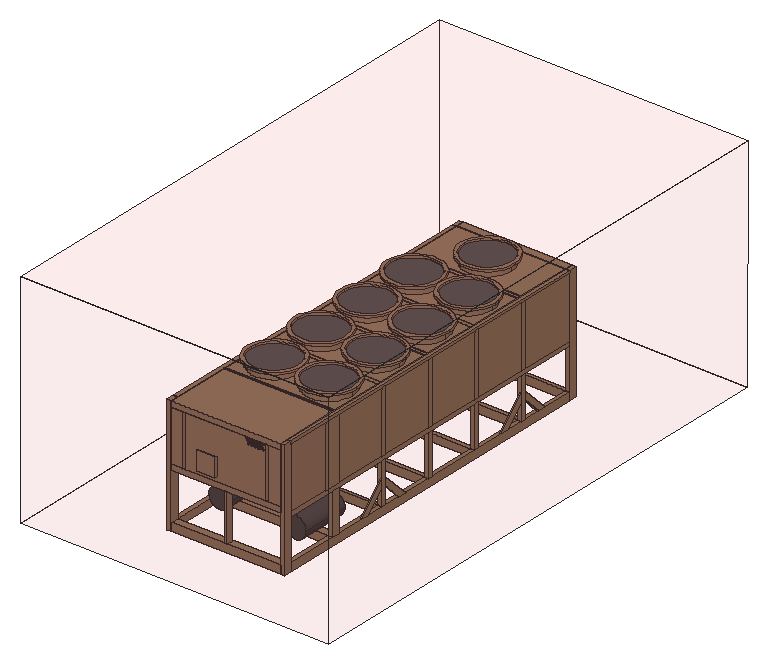
Revit family (continued)
Definition of nested family "Box_Frame-York-YCIV-5_Row"
  Forms (in)
    Extrusion 19, solid, material "Metal - York - Galvanized Steel" <- "Box Frame Material", detail levels fine
      sketch origin (0, 0, 0) x (1, 0, 0) y (0, 1, 0)
        loop
          line (-1, -133) -> (-1, -137) -> (1, -137) -> (1, -133) -> (-1, -133)
      from 6 to 41.3125
    Extrusion 20, solid, material "Metal - York - Galvanized Steel" <- "Box Frame Material", detail levels fine
      sketch origin (0, 0, 0) x (0, 1, 0) y (0, 0, 1)
        loop
          line (-42.2125, 25) -> (-42.2125, 19) -> (-29.2125, 6) -> (-23.2125, 6) -> (-42.2125, 25)
        loop
          line (-45.2125, 25) -> (-64.2125, 6) -> (-58.2125, 6) -> (-45.2125, 19) -> (-45.2125, 25)
        loop
          line (66.825, 6) -> (72.825, 6) -> (85.825, 19) -> (85.825, 25) -> (66.825, 6)
        loop
          line (88.825, 19) -> (101.825, 6) -> (107.825, 6) -> (88.825, 25) -> (88.825, 19)
      from 43.0625 to 44.0625
    Extrusion 21, solid, material "Metal - York - Galvanized Steel" <- "Box Frame Material", detail levels fine
      sketch origin (0, 0, 0) x (0, 1, 0) y (0, 0, 1)
        loop
          line (-45.2125, 25) -> (-64.2125, 6) -> (-58.2125, 6) -> (-45.2125, 19) -> (-45.2125, 25)
        loop
          line (-42.2125, 19) -> (-29.2125, 6) -> (-23.2125, 6) -> (-42.2125, 25) -> (-42.2125, 19)
        loop
          line (66.825, 6) -> (72.825, 6) -> (85.825, 19) -> (85.825, 25) -> (66.825, 6)
        loop
          line (88.825, 19) -> (101.825, 6) -> (107.825, 6) -> (88.825, 25) -> (88.825, 19)
      from -44.0625 to -43.0625
    Extrusion 22, solid, material "Metal - York - Galvanized Steel" <- "Box Frame Material", visible <- "Sound Option", detail levels fine
      sketch origin (0, -131, 0) x (-1, 0, 0) y (0, 0, -1)
        loop
          line (41.0625, -41.3125) -> (41.0625, -6) -> (1, -6) -> (1, -41.3125) -> (41.0625, -41.3125)
        loop
          line (-1, -41.3125) -> (-1, -6) -> (-41.0625, -6) -> (-41.0625, -41.3125) -> (-1, -41.3125)
      from 0 to 6
    Extrusion 23, solid, material "Metal - York - Galvanized Steel" <- "Box Frame Material", visible <- "Sound Option", detail levels fine
      sketch origin (0, 0, 0) x (0, 1, 0) y (0, 0, 1)
        loop
          line (-131, 37) -> (-131, 6) -> (-91.8875, 6) -> (-91.8875, 37) -> (-131, 37)
        loop
          line (-85.8875, 37) -> (-85.8875, 6) -> (-71.8875, 6) -> (-71.8875, 37) -> (-85.8875, 37)
      from 41.0625 to 44.0625
    Extrusion 24, solid, material "Metal - York - Galvanized Steel" <- "Box Frame Material", visible <- "Sound Option", detail levels fine
      sketch origin (-44.0625, 0, 0) x (0, -1, 0) y (0, 0, 1)
        loop
          line (71.8875, 37) -> (71.8875, 6) -> (85.8875, 6) -> (85.8875, 37) -> (71.8875, 37)
        loop
          line (91.8875, 37) -> (91.8875, 6) -> (131, 6) -> (131, 37) -> (91.8875, 37)
      from -3 to 0
  Lines and regions (in)
    Masking region 1, detail levels fine
      outline origin (0, 0, 62.3125) x (-1, 0, 0) y (0, -1, 0)
        loop
          line (21.0625, 137) -> (21.0625, 138) -> (7.0625, 138) -> (7.0625, 137) -> (21.0625, 137)
    Masking region 2, detail levels fine
      outline origin (0, 0, 0) x (0, 1, 0) y (0, 0, 1)
        loop
          line (-138, 62.3125) -> (-138, 48.3125) -> (-137, 48.3125) -> (-137, 62.3125) -> (-138, 62.3125)
    Masking region 3
      outline origin (0, -133, 0) x (-1, 0, 0) y (0, 0, -1)
        loop
          line (41.0625, -45.3125) -> (41.0625, -41.3125) -> (-41.0625, -41.3125) -> (-41.0625, -45.3125) -> (41.0625, -45.3125)
    Masking region 4, detail levels medium+fine
      outline origin (0, 0, 45.3125) x (-1, 0, 0) y (0, -1, 0)
        loop
          line (41.0625, 133) -> (41.0625, 137) -> (-41.0625, 137) -> (-41.0625, 133) -> (41.0625, 133)
    Masking region 5
      outline origin (0, -133, 0) x (-1, 0, 0) y (0, 0, -1)
        loop
          line (41.0625, -87.9375) -> (41.0625, -45.3125) -> (-41.0625, -45.3125) -> (-41.0625, -87.9375) -> (41.0625, -87.9375)
    Masking region 6
      outline origin (0, -137, 0) x (-1, 0, 0) y (0, 0, -1)
        loop
          line (44.0625, -87.9375) -> (44.0625, 0) -> (41.0625, 0) -> (41.0625, -87.9375) -> (44.0625, -87.9375)
        loop
          line (-41.0625, -87.9375) -> (-41.0625, 0) -> (-44.0625, 0) -> (-44.0625, -87.9375) -> (-41.0625, -87.9375)
    Masking region 7, detail levels medium+fine
      outline origin (0, 0, 87.9375) x (-1, 0, 0) y (0, -1, 0)
        loop
          line (44.0625, -137) -> (44.0625, -131) -> (41.0625, -131) -> (41.0625, -137) -> (44.0625, -137)
        loop
          line (-41.0625, -137) -> (-41.0625, -131) -> (-44.0625, -131) -> (-44.0625, -137) -> (-41.0625, -137)
        loop
          line (-41.0625, 131) -> (-41.0625, 137) -> (-44.0625, 137) -> (-44.0625, 131) -> (-41.0625, 131)
        loop
          line (44.0625, 131) -> (44.0625, 137) -> (41.0625, 137) -> (41.0625, 131) -> (44.0625, 131)
    Masking region 8
      outline origin (44.0625, 0, 0) x (0, -1, 0) y (0, 0, 1)
        loop
          line (137, 87.9375) -> (131, 87.9375) -> (131, 0) -> (137, 0) -> (137, 87.9375)
        loop
          line (-131, 87.9375) -> (-137, 87.9375) -> (-137, 0) -> (-131, 0) -> (-131, 87.9375)
    Masking region 9
      outline origin (0, 137, 0) x (-1, 0, 0) y (0, 0, 1)
        loop
          line (41.0625, 6) -> (-41.0625, 6) -> (-41.0625, 0) -> (41.0625, 0) -> (41.0625, 6)
    Masking region 10
      outline origin (44.0625, 0, 0) x (0, -1, 0) y (0, 0, 1)
        loop
          line (131, 87.9375) -> (-131, 87.9375) -> (-131, 85.9375) -> (131, 85.9375) -> (131, 87.9375)
        loop
          line (131, 40) -> (-131, 40) -> (-131, 37) -> (131, 37) -> (131, 40)
        loop
          line (131, 6) -> (-131, 6) -> (-131, 0) -> (131, 0) -> (131, 6)
    Masking region 11, detail levels medium+fine
      outline origin (0, 0, 85.9375) x (-1, 0, 0) y (0, -1, 0)
        loop
          line (44.0625, -131) -> (44.0625, 131) -> (41.0625, 131) -> (41.0625, -131) -> (44.0625, -131)
        loop
          line (-41.0625, -131) -> (-41.0625, 131) -> (-44.0625, 131) -> (-44.0625, -131) -> (-41.0625, -131)
    Masking region 12, detail levels medium+fine
      outline origin (0, 0, 37) x (-1, 0, 0) y (0, -1, 0)
        loop
          line (41.0625, -137) -> (41.0625, -131) -> (-41.0625, -131) -> (-41.0625, -137) -> (41.0625, -137)
    Masking region 13, detail levels medium+fine
      outline origin (41.0625, 0, 0) x (0, -1, 0) y (0, 0, 1)
        loop
          line (45.2125, 37) -> (42.2125, 37) -> (42.2125, 6) -> (45.2125, 6) -> (45.2125, 37)
        loop
          line (1.5375, 37) -> (-1.4625, 37) -> (-1.4625, 6) -> (1.5375, 6) -> (1.5375, 37)
        loop
          line (-42.1375, 37) -> (-45.1375, 37) -> (-45.1375, 6) -> (-42.1375, 6) -> (-42.1375, 37)
        loop
          line (-85.825, 37) -> (-88.825, 37) -> (-88.825, 6) -> (-85.825, 6) -> (-85.825, 37)
    Masking region 14
      outline origin (0, 0, 0) x (0, 1, 0) y (0, 0, 1)
        loop
          line (-131, 85.9375) -> (-131, 40) -> (-85.8875, 40) -> (-85.8875, 85.9375) -> (-131, 85.9375)
    Masking region 15, detail levels medium+fine
      outline origin (0, 0, 87.9375) x (-1, 0, 0) y (0, -1, 0)
        loop
          line (41.0625, 87.3875) -> (41.0625, 133) -> (-41.0625, 133) -> (-41.0625, 87.3875) -> (41.0625, 87.3875)
    Masking region 16
      outline origin (0, 0, 0) x (0, 1, 0) y (0, 0, 1)
        loop
          line (-85.8875, 85.9375) -> (-85.8875, 40) -> (131, 40) -> (131, 85.9375) -> (-85.8875, 85.9375)
    Masking region 17, detail levels medium+fine
      outline origin (0, 0, 87.9375) x (-1, 0, 0) y (0, -1, 0)
        loop
          line (41.0625, -131) -> (41.0625, 87.3875) -> (-41.0625, 87.3875) -> (-41.0625, -131) -> (41.0625, -131)
    Masking region 18, visible <- "Sound Option"
      outline origin (0, 0, 0) x (0, 1, 0) y (0, 0, 1)
        loop
          line (-131, 37) -> (-131, 6) -> (-71.8875, 6) -> (-71.8875, 37) -> (-131, 37)
    Masking region 19, detail levels fine
      outline origin (0, 0, 0) x (0, 1, 0) y (0, 0, 1)
        loop
          line (-64.2125, 6) -> (-58.2125, 6) -> (-45.2125, 19) -> (-45.2125, 25) -> (-64.2125, 6)
        loop
          line (-42.2125, 25) -> (-42.2125, 19) -> (-29.2125, 6) -> (-23.2125, 6) -> (-42.2125, 25)
        loop
          line (66.825, 6) -> (72.825, 6) -> (85.825, 19) -> (85.825, 25) -> (66.825, 6)
        loop
          line (88.825, 25) -> (88.825, 19) -> (101.825, 6) -> (107.825, 6) -> (88.825, 25)
    Masking region 20, detail levels coarse
      outline origin (0, 0, 87.9375) x (-1, 0, 0) y (0, -1, 0)
        loop
          line (44.0625, -137) -> (44.0625, 137) -> (-44.0625, 137) -> (-44.0625, -137) -> (44.0625, -137)
    Masking region 21, detail levels medium+fine
      outline origin (0, -131, 0) x (-1, 0, 0) y (0, 0, -1)
        loop
          line (1, -41.3125) -> (1, -6) -> (-1, -6) -> (-1, -41.3125) -> (1, -41.3125)
    Masking region 22
      outline origin (0, 0, 0) x (0, 1, 0) y (0, 0, 1)
        loop
          line (-85.8875, 37) -> (-91.8875, 37) -> (-91.8875, 6) -> (-85.8875, 6) -> (-85.8875, 37)
    Masking region 23, visible <- "Sound Option"
      outline origin (0, -137, 0) x (-1, 0, 0) y (0, 0, -1)
        loop
          line (41.0625, -41.3125) -> (41.0625, -6) -> (1, -6) -> (1, -41.3125) -> (41.0625, -41.3125)
        loop
          line (-1, -41.3125) -> (-1, -6) -> (-41.0625, -6) -> (-41.0625, -41.3125) -> (-1, -41.3125)
    model lines, style "Frame Detail Lines", detail levels medium
      curve 1: line (-21.0625, -138, 48.3125) -> (-21.0625, -138, 62.3125)
      curve 2: line (-7.0625, -138, 48.3125) -> (-21.0625, -138, 48.3125)
      curve 3: line (-21.0625, -137, 62.3125) -> (-7.0625, -137, 62.3125)
      curve 4: line (-21.0625, -137, 48.3125) -> (-21.0625, -137, 62.3125)
      curve 5: line (-7.0625, -137, 48.3125) -> (-21.0625, -137, 48.3125)
      curve 6: line (-7.0625, -137, 62.3125) -> (-7.0625, -137, 48.3125)
      curve 7: line (-21.0625, -138, 48.3125) -> (-21.0625, -137, 48.3125)
      curve 8: line (-7.0625, -138, 48.3125) -> (-7.0625, -137, 48.3125)
      curve 9: line (-21.0625, -138, 62.3125) -> (-21.0625, -137, 62.3125)
      curve 10: line (-7.0625, -138, 62.3125) -> (-7.0625, -137, 62.3125)
      curve 263: line (-7.0625, -138, 62.3125) -> (-21.0625, -138, 62.3125)
      curve 264: line (-7.0625, -138, 48.3125) -> (-7.0625, -138, 62.3125)
    symbolic lines, style "Frame Detail Lines", detail levels fine
      curve 11: line (-21.0625, -138, 62.3125) -> (-7.0625, -138, 62.3125)
      curve 12: line (-21.0625, -138, 48.3125) -> (-21.0625, -138, 62.3125)
      curve 13: line (-7.0625, -138, 48.3125) -> (-21.0625, -138, 48.3125)
      curve 14: line (-7.0625, -138, 62.3125) -> (-7.0625, -138, 48.3125)
    model lines, style "Frame Medium Lines", detail levels medium
      curve 15: line (-30, -137, 83.9375) -> (30, -137, 83.9375)
      curve 16: line (30, -137, 45.3125) -> (-30, -137, 45.3125)
      curve 17: line (30, -137, 83.9375) -> (30, -137, 45.3125)
      curve 18: line (-30, -133, 83.9375) -> (30, -133, 83.9375)
      curve 19: line (-30, -133, 45.3125) -> (-30, -133, 83.9375)
      curve 20: line (30, -133, 45.3125) -> (-30, -133, 45.3125)
      curve 21: line (30, -133, 83.9375) -> (30, -133, 45.3125)
      curve 22: line (-30, -137, 45.3125) -> (-30, -133, 45.3125)
      curve 23: line (30, -137, 45.3125) -> (30, -133, 45.3125)
      curve 24: line (-30, -137, 83.9375) -> (-30, -133, 83.9375)
      curve 25: line (30, -137, 83.9375) -> (30, -133, 83.9375)
      curve 262: line (-30, -137, 45.3125) -> (-30, -137, 83.9375)
    symbolic lines, style "Frame Medium Lines", detail levels medium+fine
      curve 26: line (-30, -137, 83.9375) -> (30, -137, 83.9375)
      curve 28: line (30, -137, 45.3125) -> (-30, -137, 45.3125)
      curve 30: line (-30, -133, 87.375) -> (30, -133, 87.375)
      curve 31: line (-30, -137, 87.375) -> (-30, -133, 87.375)
      curve 32: line (30, -137, 87.375) -> (-30, -137, 87.375)
      curve 33: line (30, -133, 87.375) -> (30, -137, 87.375)
      curve 238: line (-41.0625, 45.1375, 87.9375) -> (41.0625, 45.1375, 87.9375)
      curve 239: line (-41.0625, 42.1375, 87.9375) -> (41.0625, 42.1375, 87.9375)
      curve 240: line (-41.0625, 1.4625, 87.9375) -> (41.0625, 1.4625, 87.9375)
      curve 241: line (-41.0625, -1.5375, 87.9375) -> (41.0625, -1.5375, 87.9375)
      curve 242: line (-41.0625, -42.2125, 87.9375) -> (41.0625, -42.2125, 87.9375)
      curve 243: line (-41.0625, -45.2125, 87.9375) -> (41.0625, -45.2125, 87.9375)
      curve 244: line (-41.0625, -85.8875, 87.9375) -> (41.0625, -85.8875, 87.9375)
      curve 282: line (-41.0625, 88.825, 87.9375) -> (41.0625, 88.825, 87.9375)
      curve 283: line (41.0625, 85.825, 87.9375) -> (-41.0625, 85.825, 87.9375)
      curve 284: line (0, 88.825, 85.9375) -> (0, 88.825, 40)
      curve 285: line (0, 85.825, 85.9375) -> (0, 85.825, 40)
    symbolic lines, style "Frame Medium Lines", detail levels fine
      curve 27: line (-30, -137, 45.3125) -> (-30, -137, 83.9375)
      curve 29: line (30, -137, 83.9375) -> (30, -137, 45.3125)
      curve 255: line (0, -45.2125, 85.9375) -> (0, -45.2125, 40)
      curve 256: line (0, -97.88987, 85.9375) -> (0, -97.88987, 40)
      curve 257: line (0, -42.2125, 85.9375) -> (0, -42.2125, 40)
      curve 258: line (0, -1.5375, 85.9375) -> (0, -1.5375, 40)
      curve 259: line (0, 1.4625, 85.9375) -> (0, 1.4625, 40)
      curve 260: line (0, 42.1375, 85.9375) -> (0, 42.1375, 40)
      curve 261: line (0, 45.1375, 85.9375) -> (0, 45.1375, 40)
      curve 268: line (-32, -137, 83.9375) -> (-32, -137, 45.3125)
      curve 269: line (32, -137, 83.9375) -> (32, -137, 45.3125)
    model lines, style "Frame Outline Lines", detail levels coarse+medium
      curve 34: line (-41.0625, -137, 45.3125) -> (41.0625, -137, 45.3125)
      curve 35: line (-41.0625, -137, 41.3125) -> (-41.0625, -137, 45.3125)
      curve 36: line (41.0625, -137, 41.3125) -> (-41.0625, -137, 41.3125)
      curve 37: line (41.0625, -137, 45.3125) -> (41.0625, -137, 41.3125)
      curve 38: line (-41.0625, -133, 45.3125) -> (41.0625, -133, 45.3125)
      curve 39: line (-41.0625, -133, 41.3125) -> (-41.0625, -133, 45.3125)
      curve 40: line (41.0625, -133, 41.3125) -> (-41.0625, -133, 41.3125)
      curve 41: line (41.0625, -133, 45.3125) -> (41.0625, -133, 41.3125)
      curve 42: line (-41.0625, -137, 45.3125) -> (-41.0625, -133, 45.3125)
      curve 43: line (41.0625, -137, 45.3125) -> (41.0625, -133, 45.3125)
      curve 44: line (-41.0625, -137, 41.3125) -> (-41.0625, -133, 41.3125)
      curve 45: line (41.0625, -137, 41.3125) -> (41.0625, -133, 41.3125)
      curve 51: line (-44.0625, -137, 87.9375) -> (-41.0625, -137, 87.9375)
      curve 52: line (-44.0625, -137, 0) -> (-44.0625, -137, 87.9375)
      curve 53: line (-41.0625, -137, 0) -> (-44.0625, -137, 0)
      curve 54: line (-41.0625, -137, 87.9375) -> (-41.0625, -137, 0)
      curve 55: line (41.0625, -137, 87.9375) -> (44.0625, -137, 87.9375)
      curve 56: line (41.0625, -137, 0) -> (41.0625, -137, 87.9375)
      curve 57: line (44.0625, -137, 0) -> (41.0625, -137, 0)
      curve 58: line (44.0625, -137, 87.9375) -> (44.0625, -137, 0)
      curve 59: line (41.0625, -131, 87.9375) -> (44.0625, -131, 87.9375)
      curve 60: line (41.0625, -131, 0) -> (41.0625, -131, 87.9375)
      curve 61: line (44.0625, -131, 0) -> (41.0625, -131, 0)
      curve 62: line (44.0625, -131, 87.9375) -> (44.0625, -131, 0)
      curve 63: line (-44.0625, -131, 87.9375) -> (-41.0625, -131, 87.9375)
      curve 64: line (-44.0625, -131, 0) -> (-44.0625, -131, 87.9375)
      curve 65: line (-41.0625, -131, 0) -> (-44.0625, -131, 0)
      curve 66: line (-41.0625, -131, 87.9375) -> (-41.0625, -131, 0)
      curve 67: line (-44.0625, 131, 87.9375) -> (-41.0625, 131, 87.9375)
      curve 68: line (-44.0625, 131, 0) -> (-44.0625, 131, 87.9375)
      curve 69: line (-41.0625, 131, 0) -> (-44.0625, 131, 0)
      curve 70: line (-41.0625, 131, 87.9375) -> (-41.0625, 131, 0)
      curve 71: line (41.0625, 131, 87.9375) -> (44.0625, 131, 87.9375)
      curve 72: line (41.0625, 131, 0) -> (41.0625, 131, 87.9375)
      curve 73: line (44.0625, 131, 0) -> (41.0625, 131, 0)
      curve 74: line (44.0625, 131, 87.9375) -> (44.0625, 131, 0)
      curve 75: line (41.0625, 137, 87.9375) -> (44.0625, 137, 87.9375)
      curve 76: line (41.0625, 137, 0) -> (41.0625, 137, 87.9375)
      curve 77: line (44.0625, 137, 0) -> (41.0625, 137, 0)
      curve 78: line (44.0625, 137, 87.9375) -> (44.0625, 137, 0)
      curve 79: line (-44.0625, 137, 87.9375) -> (-41.0625, 137, 87.9375)
      curve 80: line (-44.0625, 137, 0) -> (-44.0625, 137, 87.9375)
      curve 81: line (-41.0625, 137, 0) -> (-44.0625, 137, 0)
      curve 82: line (-41.0625, 137, 87.9375) -> (-41.0625, 137, 0)
      curve 83: line (-44.0625, -131, 87.9375) -> (-44.0625, -137, 87.9375)
      curve 84: line (-41.0625, -131, 87.9375) -> (-41.0625, -137, 87.9375)
      curve 85: line (41.0625, -131, 87.9375) -> (41.0625, -137, 87.9375)
      curve 86: line (44.0625, -131, 87.9375) -> (44.0625, -137, 87.9375)
      curve 87: line (44.0625, 137, 87.9375) -> (44.0625, 131, 87.9375)
      curve 88: line (41.0625, 137, 87.9375) -> (41.0625, 131, 87.9375)
      curve 89: line (-41.0625, 137, 87.9375) -> (-41.0625, 131, 87.9375)
      curve 90: line (-44.0625, 137, 87.9375) -> (-44.0625, 131, 87.9375)
      curve 91: line (-44.0625, 131, 0) -> (-44.0625, 137, 0)
      curve 92: line (-41.0625, 131, 0) -> (-41.0625, 137, 0)
      curve 93: line (41.0625, 131, 0) -> (41.0625, 137, 0)
      curve 94: line (44.0625, 131, 0) -> (44.0625, 137, 0)
      curve 95: line (44.0625, -137, 0) -> (44.0625, -131, 0)
      curve 96: line (41.0625, -137, 0) -> (41.0625, -131, 0)
      curve 97: line (-41.0625, -137, 0) -> (-41.0625, -131, 0)
      curve 98: line (-44.0625, -137, 0) -> (-44.0625, -131, 0)
      curve 144: line (-44.0625, 131, 87.9375) -> (-44.0625, -131, 87.9375)
      curve 145: line (-41.0625, -131, 87.9375) -> (-41.0625, 131, 87.9375)
      curve 146: line (41.0625, 131, 87.9375) -> (41.0625, -131, 87.9375)
      curve 147: line (44.0625, -131, 87.9375) -> (44.0625, 131, 87.9375)
      curve 148: line (-44.0625, 131, 85.9375) -> (-44.0625, -131, 85.9375)
      curve 149: line (-41.0625, 131, 85.9375) -> (-41.0625, -131, 85.9375)
      curve 150: line (44.0625, 131, 85.9375) -> (44.0625, -131, 85.9375)
      curve 151: line (41.0625, 131, 85.9375) -> (41.0625, -131, 85.9375)
      curve 152: line (44.0625, 131, 40) -> (44.0625, -131, 40)
      curve 153: line (41.0625, 131, 40) -> (41.0625, -131, 40)
      curve 154: line (-41.0625, 131, 40) -> (-41.0625, -131, 40)
      curve 155: line (-44.0625, 131, 40) -> (-44.0625, -131, 40)
      curve 156: line (44.0625, 131, 37) -> (44.0625, -131, 37)
      curve 157: line (41.0625, 131, 37) -> (41.0625, -131, 37)
      curve 158: line (-41.0625, 131, 37) -> (-41.0625, -131, 37)
      curve 159: line (-44.0625, 131, 37) -> (-44.0625, -131, 37)
      curve 160: line (-41.0625, 137, 87.9375) -> (41.0625, 137, 87.9375)
      curve 161: line (-41.0625, 131, 87.9375) -> (41.0625, 131, 87.9375)
      curve 162: line (-41.0625, 137, 85.9375) -> (41.0625, 137, 85.9375)
      curve 163: line (-41.0625, 131, 85.9375) -> (41.0625, 131, 85.9375)
      curve 164: line (-41.0625, 137, 40) -> (41.0625, 137, 40)
      curve 165: line (-41.0625, 131, 40) -> (41.0625, 131, 40)
      curve 166: line (-41.0625, 137, 37) -> (41.0625, 137, 37)
      curve 167: line (-41.0625, 131, 37) -> (41.0625, 131, 37)
      curve 245: line (44.0625, -131, 6) -> (44.0625, 131, 6)
      curve 246: line (44.0625, -131, 0) -> (44.0625, 131, 0)
      curve 247: line (41.0625, -131, 6) -> (41.0625, 131, 6)
      curve 248: line (41.0625, -131, 0) -> (41.0625, 131, 0)
      curve 249: line (-44.0625, -131, 6) -> (-44.0625, 131, 6)
      curve 250: line (-44.0625, -131, 0) -> (-44.0625, 131, 0)
      curve 251: line (-41.0625, -131, 6) -> (-41.0625, 131, 6)
      curve 252: line (-41.0625, -131, 0) -> (-41.0625, 131, 0)
      curve 253: line (-41.0625, -137, 83.9375) -> (41.0625, -137, 83.9375)
      curve 254: line (-41.0625, -131, 85.9375) -> (41.0625, -131, 85.9375)
      curve 265: line (-41.0625, -137, 87.9375) -> (41.0625, -137, 87.9375)
    model lines, style "Frame Outline Lines", detail levels medium
      curve 46: line (41.0625, -133, 87.9375) -> (41.0625, -133, 45.3125)
      curve 47: line (-41.0625, -131, 45.3125) -> (-41.0625, -131, 85.9375)
      curve 48: line (41.0625, -131, 85.9375) -> (41.0625, -131, 45.3125)
      curve 49: line (-41.0625, -133, 45.3125) -> (-41.0625, -131, 45.3125)
      curve 50: line (41.0625, -133, 45.3125) -> (41.0625, -131, 45.3125)
      curve 99: line (-41.0625, 133, 0) -> (41.0625, 133, 0)
      curve 100: line (-41.0625, 131, 0) -> (-41.0625, 133, 0)
      curve 101: line (41.0625, 131, 0) -> (-41.0625, 131, 0)
      curve 102: line (41.0625, 133, 0) -> (41.0625, 131, 0)
      curve 103: line (-41.0625, 45.1375, 0) -> (41.0625, 45.1375, 0)
      curve 104: line (-41.0625, 42.1375, 0) -> (-41.0625, 45.1375, 0)
      curve 105: line (41.0625, 42.1375, 0) -> (-41.0625, 42.1375, 0)
      curve 106: line (41.0625, 45.1375, 0) -> (41.0625, 42.1375, 0)
      curve 107: line (-41.0625, 1.4625, 0) -> (41.0625, 1.4625, 0)
      curve 108: line (-41.0625, -1.5375, 0) -> (-41.0625, 1.4625, 0)
      curve 109: line (41.0625, -1.5375, 0) -> (-41.0625, -1.5375, 0)
      curve 110: line (41.0625, 1.4625, 0) -> (41.0625, -1.5375, 0)
      curve 111: line (-41.0625, -42.2125, 0) -> (41.0625, -42.2125, 0)
      curve 112: line (-41.0625, -45.2125, 0) -> (-41.0625, -42.2125, 0)
      curve 113: line (41.0625, -45.2125, 0) -> (-41.0625, -45.2125, 0)
      curve 114: line (41.0625, -42.2125, 0) -> (41.0625, -45.2125, 0)
      curve 115: line (-41.0625, -85.8875, 0) -> (41.0625, -85.8875, 0)
      curve 116: line (-41.0625, -91.8875, 0) -> (-41.0625, -85.8875, 0)
      curve 117: line (41.0625, -91.8875, 0) -> (-41.0625, -91.8875, 0)
      curve 118: line (41.0625, -85.8875, 0) -> (41.0625, -91.8875, 0)
      curve 119: line (-41.0625, -131, 0) -> (41.0625, -131, 0)
      curve 120: line (-41.0625, -137, 0) -> (-41.0625, -131, 0)
      curve 121: line (41.0625, -137, 0) -> (-41.0625, -137, 0)
      curve 122: line (41.0625, -131, 0) -> (41.0625, -137, 0)
      curve 123: line (-41.0625, 133, 6) -> (41.0625, 133, 6)
      curve 124: line (-41.0625, 131, 6) -> (-41.0625, 133, 6)
      curve 125: line (41.0625, 131, 6) -> (-41.0625, 131, 6)
      curve 126: line (41.0625, 133, 6) -> (41.0625, 131, 6)
      curve 127: line (-41.0625, 45.1375, 6) -> (41.0625, 45.1375, 6)
      curve 128: line (-41.0625, 42.1375, 6) -> (-41.0625, 45.1375, 6)
      curve 129: line (41.0625, 42.1375, 6) -> (-41.0625, 42.1375, 6)
      curve 130: line (41.0625, 45.1375, 6) -> (41.0625, 42.1375, 6)
      curve 131: line (-41.0625, 1.4625, 6) -> (41.0625, 1.4625, 6)
      curve 132: line (-41.0625, -1.5375, 6) -> (-41.0625, 1.4625, 6)
      curve 133: line (41.0625, -1.5375, 6) -> (-41.0625, -1.5375, 6)
      curve 134: line (41.0625, 1.4625, 6) -> (41.0625, -1.5375, 6)
      curve 135: line (-41.0625, -42.2125, 6) -> (41.0625, -42.2125, 6)
      curve 136: line (-41.0625, -45.2125, 6) -> (-41.0625, -42.2125, 6)
      curve 137: line (41.0625, -45.2125, 6) -> (-41.0625, -45.2125, 6)
      curve 138: line (41.0625, -42.2125, 6) -> (41.0625, -45.2125, 6)
      curve 139: line (-41.0625, -85.8875, 6) -> (41.0625, -85.8875, 6)
      curve 140: line (-41.0625, -91.8875, 6) -> (-41.0625, -85.8875, 6)
      curve 141: line (41.0625, -91.8875, 6) -> (-41.0625, -91.8875, 6)
      curve 142: line (41.0625, -85.8875, 6) -> (41.0625, -91.8875, 6)
      curve 143: line (-41.0625, -131, 6) -> (41.0625, -131, 6)
      curve 168: line (44.0625, 45.1375, 37) -> (41.0625, 45.1375, 37)
      curve 169: line (44.0625, 45.1375, 6) -> (44.0625, 45.1375, 37)
      curve 170: line (41.0625, 45.1375, 6) -> (44.0625, 45.1375, 6)
      curve 171: line (41.0625, 45.1375, 37) -> (41.0625, 45.1375, 6)
      curve 172: line (-41.0625, 45.1375, 37) -> (-44.0625, 45.1375, 37)
      curve 173: line (-41.0625, 45.1375, 6) -> (-41.0625, 45.1375, 37)
      curve 174: line (-44.0625, 45.1375, 6) -> (-41.0625, 45.1375, 6)
      curve 175: line (-44.0625, 45.1375, 37) -> (-44.0625, 45.1375, 6)
      curve 176: line (44.0625, 42.1375, 37) -> (41.0625, 42.1375, 37)
      curve 177: line (44.0625, 42.1375, 6) -> (44.0625, 42.1375, 37)
      curve 178: line (41.0625, 42.1375, 6) -> (44.0625, 42.1375, 6)
      curve 179: line (41.0625, 42.1375, 37) -> (41.0625, 42.1375, 6)
      curve 180: line (-41.0625, 42.1375, 37) -> (-44.0625, 42.1375, 37)
      curve 181: line (-41.0625, 42.1375, 6) -> (-41.0625, 42.1375, 37)
      curve 182: line (-44.0625, 42.1375, 6) -> (-41.0625, 42.1375, 6)
      curve 183: line (-44.0625, 42.1375, 37) -> (-44.0625, 42.1375, 6)
      curve 184: line (44.0625, -85.8875, 37) -> (41.0625, -85.8875, 37)
      curve 185: line (44.0625, -85.8875, 6) -> (44.0625, -85.8875, 37)
      curve 186: line (41.0625, -85.8875, 6) -> (44.0625, -85.8875, 6)
      curve 187: line (41.0625, -85.8875, 37) -> (41.0625, -85.8875, 6)
      curve 188: line (-41.0625, -85.8875, 37) -> (-44.0625, -85.8875, 37)
      curve 189: line (-41.0625, -85.8875, 6) -> (-41.0625, -85.8875, 37)
      curve 190: line (-44.0625, -85.8875, 6) -> (-41.0625, -85.8875, 6)
      curve 191: line (-44.0625, -85.8875, 37) -> (-44.0625, -85.8875, 6)
      curve 192: line (44.0625, -91.8875, 37) -> (41.0625, -91.8875, 37)
      curve 193: line (44.0625, -91.8875, 6) -> (44.0625, -91.8875, 37)
      curve 194: line (41.0625, -91.8875, 6) -> (44.0625, -91.8875, 6)
      curve 195: line (41.0625, -91.8875, 37) -> (41.0625, -91.8875, 6)
      curve 196: line (-41.0625, -91.8875, 37) -> (-44.0625, -91.8875, 37)
      curve 197: line (-41.0625, -91.8875, 6) -> (-41.0625, -91.8875, 37)
      curve 198: line (-44.0625, -91.8875, 6) -> (-41.0625, -91.8875, 6)
      curve 199: line (-44.0625, -91.8875, 37) -> (-44.0625, -91.8875, 6)
      curve 200: line (44.0625, 1.4625, 37) -> (41.0625, 1.4625, 37)
      curve 201: line (44.0625, 1.4625, 6) -> (44.0625, 1.4625, 37)
      curve 202: line (41.0625, 1.4625, 6) -> (44.0625, 1.4625, 6)
      curve 203: line (41.0625, 1.4625, 37) -> (41.0625, 1.4625, 6)
      curve 204: line (-41.0625, 1.4625, 37) -> (-44.0625, 1.4625, 37)
      curve 205: line (-41.0625, 1.4625, 6) -> (-41.0625, 1.4625, 37)
      curve 206: line (-44.0625, 1.4625, 6) -> (-41.0625, 1.4625, 6)
      curve 207: line (-44.0625, 1.4625, 37) -> (-44.0625, 1.4625, 6)
      curve 208: line (44.0625, -1.5375, 37) -> (41.0625, -1.5375, 37)
      curve 209: line (44.0625, -1.5375, 6) -> (44.0625, -1.5375, 37)
      curve 210: line (41.0625, -1.5375, 6) -> (44.0625, -1.5375, 6)
      curve 211: line (41.0625, -1.5375, 37) -> (41.0625, -1.5375, 6)
      curve 212: line (-41.0625, -1.5375, 37) -> (-44.0625, -1.5375, 37)
      curve 213: line (-41.0625, -1.5375, 6) -> (-41.0625, -1.5375, 37)
      curve 214: line (-44.0625, -1.5375, 6) -> (-41.0625, -1.5375, 6)
      curve 215: line (-44.0625, -1.5375, 37) -> (-44.0625, -1.5375, 6)
      curve 216: line (44.0625, -42.2125, 37) -> (41.0625, -42.2125, 37)
      curve 217: line (44.0625, -42.2125, 6) -> (44.0625, -42.2125, 37)
      curve 218: line (41.0625, -42.2125, 6) -> (44.0625, -42.2125, 6)
      curve 219: line (41.0625, -42.2125, 37) -> (41.0625, -42.2125, 6)
      curve 220: line (-41.0625, -42.2125, 37) -> (-44.0625, -42.2125, 37)
      curve 221: line (-41.0625, -42.2125, 6) -> (-41.0625, -42.2125, 37)
      curve 222: line (-44.0625, -42.2125, 6) -> (-41.0625, -42.2125, 6)
      curve 223: line (-44.0625, -42.2125, 37) -> (-44.0625, -42.2125, 6)
      curve 224: line (44.0625, -45.2125, 37) -> (41.0625, -45.2125, 37)
      curve 225: line (44.0625, -45.2125, 6) -> (44.0625, -45.2125, 37)
      curve 226: line (41.0625, -45.2125, 6) -> (44.0625, -45.2125, 6)
      curve 227: line (41.0625, -45.2125, 37) -> (41.0625, -45.2125, 6)
      curve 228: line (-41.0625, -45.2125, 37) -> (-44.0625, -45.2125, 37)
      curve 229: line (-41.0625, -45.2125, 6) -> (-41.0625, -45.2125, 37)
      curve 230: line (-44.0625, -45.2125, 6) -> (-41.0625, -45.2125, 6)
      curve 231: line (-44.0625, -45.2125, 37) -> (-44.0625, -45.2125, 6)
      curve 266: line (-41.0625, -137, 6) -> (41.0625, -137, 6)
      curve 270: line (-1, -137, 41.3125) -> (-1, -137, 6)
      curve 271: line (1, -137, 41.3125) -> (1, -137, 6)
      curve 272: line (-1, -137, 41.3125) -> (-1, -131, 41.3125)
      curve 273: line (1, -137, 41.3125) -> (1, -131, 41.3125)
      curve 274: line (-32, -137, 83.9375) -> (-32, -137, 45.3125)
      curve 275: line (32, -137, 83.9375) -> (32, -137, 45.3125)
      curve 276: line (-32, -133, 83.9375) -> (-32, -133, 45.3125)
      curve 277: line (32, -133, 83.9375) -> (32, -133, 45.3125)
      curve 278: line (-32, -137, 83.9375) -> (-32, -133, 83.9375)
      curve 279: line (-32, -137, 45.3125) -> (-32, -133, 45.3125)
      curve 280: line (32, -137, 83.9375) -> (32, -133, 83.9375)
      curve 281: line (32, -137, 45.3125) -> (32, -133, 45.3125)
      curve 286: line (44.0625, 85.825, 37) -> (44.0625, 85.825, 6)
      curve 287: line (41.0625, 85.825, 37) -> (41.0625, 85.825, 6)
      curve 288: line (44.0625, 85.825, 37) -> (41.0625, 85.825, 37)
      curve 289: line (44.0625, 85.825, 6) -> (-44.0625, 85.825, 6)
      curve 290: line (-41.0625, 85.825, 37) -> (-44.0625, 85.825, 37)
      curve 291: line (-44.0625, 85.825, 37) -> (-44.0625, 85.825, 6)
      curve 292: line (-41.0625, 85.825, 37) -> (-41.0625, 85.825, 6)
      curve 293: line (41.0625, 85.825, 0) -> (-41.0625, 85.825, 0)
      curve 294: line (44.0625, 88.825, 37) -> (41.0625, 88.825, 37)
      curve 295: line (-41.0625, 88.825, 37) -> (-44.0625, 88.825, 37)
      curve 296: line (-44.0625, 88.825, 37) -> (-44.0625, 88.825, 6)
      curve 297: line (-41.0625, 88.825, 37) -> (-41.0625, 88.825, 6)
      curve 298: line (41.0625, 88.825, 37) -> (41.0625, 88.825, 6)
      curve 299: line (44.0625, 88.825, 37) -> (44.0625, 88.825, 6)
      curve 300: line (44.0625, 88.825, 6) -> (-44.0625, 88.825, 6)
      curve 301: line (41.0625, 88.825, 0) -> (-41.0625, 88.825, 0)
    model lines, style "Frame Medium Lines", detail levels medium+fine
      curve 232: line (41.0625, -87.3875, 85.9375) -> (41.0625, -87.3875, 40)
      curve 233: line (44.0625, -97.88987, 85.9375) -> (44.0625, -97.88987, 40)
      curve 234: line (-41.0625, -87.3875, 85.9375) -> (-41.0625, -87.3875, 40)
      curve 235: line (-44.0625, -97.88987, 85.9375) -> (-44.0625, -97.88987, 40)
      curve 236: line (-41.0625, -87.3875, 87.9375) -> (41.0625, -87.3875, 87.9375)
      curve 237: line (41.0625, -87.3875, 85.9375) -> (-41.0625, -87.3875, 85.9375)
    symbolic lines, style "Frame Outline Lines"
      curve 267: line (-41.0625, -137, 83.9375) -> (41.0625, -137, 83.9375)
  Dimensions and locks (in)
    equal spacing: plane 6 "Box Left", plane 3 "Center (Left/Right)", plane 7 "Box Right"
    "Width": plane 6 "Box Left" to plane 7 "Box Right"
    equal spacing: plane 4 "Box Back", plane 1 "Center (Front/Back)", plane 5 "Box Front"
    "Length": plane 4 "Box Back" to plane 5 "Box Front"
    "Height": plane 8 "Box Top" to plane 2 "Box Bottom"
    locked: plane 6 "Box Left" to plane 9 "Box Inset Left" at 3
    locked: plane 10 "Box Inset Right" to plane 7 "Box Right" at 3
    locked: plane 5 "Box Front" to plane 12 "Box Front Inset" at 6
    locked: plane 16 "Box Bottom Inset" to plane 2 "Box Bottom" at 6
    locked: plane 11 "Box Back Inset" to plane 4 "Box Back" at 6
    locked: plane 13 "Middle Bar Top" to plane 2 "Box Bottom" at 40
    locked: plane 13 "Middle Bar Top" to plane 14 "Middle Bar Bottom" at 3
    locked: plane 8 "Box Top" to plane 15 "Top Inset" at 2
    locked: plane 17 "Column One Middle" to plane 18 "Column Two Middle" at 43.675
    locked: plane 18 "Column Two Middle" to plane 19 "Column 3 Middle" at 43.675
    locked: plane 19 "Column 3 Middle" to plane 20 "Column Four Middle" at 43.675
    equal spacing: plane 21 "Column Four Front", plane 20 "Column Four Middle", plane 22 "Column Four Back"
    locked: plane 21 "Column Four Front" to plane 22 "Column Four Back" at 3
    equal spacing: plane 23 "Column Three Front", plane 19 "Column 3 Middle", plane 24 "Column Three Back"
    locked: plane 23 "Column Three Front" to plane 24 "Column Three Back" at 3
    equal spacing: plane 25 "Column Two Front", plane 18 "Column Two Middle", plane 26 "Column Two Back"
    locked: plane 25 "Column Two Front" to plane 26 "Column Two Back" at 3
    locked: plane 29 "Front Bar Top" to plane 30 "Front Bar Bottom" at 4
    locked: plane 32 "Access Panel Bottom" to plane 29 "Front Bar Top" at 3
    locked: plane 33 "Access Panel Top" to plane 32 "Access Panel Bottom" at 14
    locked: plane 34 "Access Panel Left" to plane 31 "Access Panel Center" at 7
    locked: plane 31 "Access Panel Center" to plane 35 "Access Panel Right" at 7
    locked: plane 37 "Access Panel Front" to plane 5 "Box Front" at 1
    locked: plane 38 "Control Panel Right" to plane 3 "Center (Left/Right)" at 30
    locked: plane 39 "Control Panel Left" to plane 3 "Center (Left/Right)" at 30
    locked: plane 5 "Box Front" to plane 36 "Panel Front" at 4
    locked: plane 40 "Back Frame Inset" to plane 4 "Box Back" at 4
    locked: plane 41 "Bar Left of Control Panel" to plane 39 "Control Panel Left" at 2
    locked: plane 38 "Control Panel Right" to plane 42 "Bar Right of Control Panel" at 2
    locked: plane 3 "Center (Left/Right)" to plane 31 "Access Panel Center" at 14.0625
    locked: plane 43 "Front Bar Left" to plane 44 "Front Bar Right" at 2
    equal spacing: plane 43 "Front Bar Left", plane 3 "Center (Left/Right)", plane 44 "Front Bar Right"
    locked: plane 27 "Column One Back" to plane 45 "Side Framing Extra" at 14
    locked: plane 47 "Angle Support Inside Bottom" to plane 16 "Box Bottom Inset" at 13
    locked: plane 46 "Angle Support Top" to plane 47 "Angle Support Inside Bottom" at 6
    locked: plane 26 "Column Two Back" to plane 48 "Angle Support Two Front" at 13
    locked: plane 48 "Angle Support Two Front" to plane 49 "Angle Support Two Back" at 6
    locked: plane 50 "Angle Support One Back" to plane 25 "Column Two Front" at 13
    locked: plane 51 "Angle Support One Front" to plane 50 "Angle Support One Back" at 6
    locked: plane 52 "Angle Support Right" to plane 7 "Box Right" at 1
    locked: plane 6 "Box Left" to plane 53 "Angle Support Left" at 1
    locked: plane 30 "Front Bar Bottom" to plane 2 "Box Bottom" at 41.3125
    locked: plane 17 "Column One Middle" to plane 27 "Column One Back" at 1.5
    locked: plane 28 "Top Column Front" to plane 17 "Column One Middle" at 10.50237
    locked: plane 54 "Column One Front" to plane 17 "Column One Middle" at 4.5
    locked: plane 8 "Box Top" to plane 55 "Top Front Inset" at 4
    equal spacing: plane 57 "Column Five Front", plane 56 "Column Five Middle", plane 58 "Column Five Back"
    locked: plane 57 "Column Five Front" to plane 58 "Column Five Back" at 3
    locked: plane 20 "Column Four Middle" to plane 56 "Column Five Middle" at 43.6875
    locked: plane 56 "Column Five Middle" to plane 11 "Box Back Inset" at 43.675
    locked: plane 59 "Angle Support Three Back" to plane 57 "Column Five Front" at 13
    locked: plane 60 "Angle Support Three Front" to plane 59 "Angle Support Three Back" at 6
    locked: plane 58 "Column Five Back" to plane 61 "Angle Support Four Front" at 13
    locked: plane 61 "Angle Support Four Front" to plane 62 "Angle Support Four Back" at 6
    aligned and locked: plane 35 "Access Panel Right" to Extrusion 1 sketch curve
    aligned and locked: Extrusion 1 sketch curve to plane 34 "Access Panel Left"
    aligned and locked: Extrusion 1 to plane 37 "Access Panel Front"
    aligned and locked: Extrusion 1 to plane 5 "Box Front"
    aligned and locked: plane 32 "Access Panel Bottom" to curve 2
    aligned and locked: plane 32 "Access Panel Bottom" to curve 5
    aligned and locked: plane 35 "Access Panel Right" to curve 6
    aligned and locked: curve 4 to plane 34 "Access Panel Left"
    aligned and locked: plane 37 "Access Panel Front" to curve 8
    aligned and locked: plane 5 "Box Front" to curve 7
    aligned and locked: plane 5 "Box Front" to curve 8
    aligned and locked: plane 37 "Access Panel Front" to curve 7
    aligned and locked: curve 8 to Extrusion 1
    aligned and locked: curve 7 to Extrusion 1
    aligned and locked: plane 37 "Access Panel Front" to curve 10
    aligned and locked: plane 5 "Box Front" to curve 9
    aligned and locked: plane 5 "Box Front" to curve 10
    aligned and locked: plane 37 "Access Panel Front" to curve 9
    aligned and locked: plane 5 "Box Front" to Masking region 1 sketch curve
    aligned and locked: plane 35 "Access Panel Right" to Masking region 1 sketch curve
    aligned and locked: Masking region 1 sketch curve to plane 37 "Access Panel Front"
    aligned and locked: Masking region 1 sketch curve to plane 34 "Access Panel Left"
    aligned and locked: Masking region 2 sketch curve to plane 33 "Access Panel Top"
    aligned and locked: plane 32 "Access Panel Bottom" to Masking region 2 sketch curve
    aligned and locked: plane 5 "Box Front" to Masking region 2 sketch curve
    aligned and locked: Masking region 2 sketch curve to plane 37 "Access Panel Front"
    aligned and locked: plane 38 "Control Panel Right" to Extrusion 2 sketch curve
    aligned and locked: Extrusion 2 sketch curve to plane 39 "Control Panel Left"
    aligned and locked: plane 29 "Front Bar Top" to Extrusion 2 sketch curve
    aligned and locked: Extrusion 2 to plane 5 "Box Front"
    aligned and locked: Extrusion 2 to plane 36 "Panel Front"
    aligned and locked: plane 38 "Control Panel Right" to curve 21
    aligned and locked: plane 29 "Front Bar Top" to curve 20
    aligned and locked: curve 19 to plane 39 "Control Panel Left"
    aligned and locked: curve 23 to Extrusion 2
    aligned and locked: curve 22 to Extrusion 2
    aligned and locked: plane 5 "Box Front" to curve 23
    aligned and locked: plane 36 "Panel Front" to curve 23
    aligned and locked: plane 36 "Panel Front" to curve 22
    aligned and locked: plane 5 "Box Front" to curve 22
    aligned and locked: plane 5 "Box Front" to curve 25
    aligned and locked: plane 36 "Panel Front" to curve 25
    aligned and locked: plane 5 "Box Front" to curve 24
    aligned and locked: plane 36 "Panel Front" to curve 24
    aligned and locked: plane 36 "Panel Front" to curve 30
    aligned and locked: plane 38 "Control Panel Right" to curve 33
    aligned and locked: curve 32 to plane 5 "Box Front"
    aligned and locked: curve 31 to plane 39 "Control Panel Left"
    aligned and locked: plane 10 "Box Inset Right" to Extrusion 3 sketch curve
    aligned and locked: Extrusion 3 sketch curve to plane 9 "Box Inset Left"
    aligned and locked: Extrusion 3 sketch curve to plane 29 "Front Bar Top"
    aligned and locked: plane 30 "Front Bar Bottom" to Extrusion 3 sketch curve
    aligned and locked: Extrusion 3 to plane 5 "Box Front"
    aligned and locked: Extrusion 3 to plane 36 "Panel Front"
    aligned and locked: curve 35 to plane 9 "Box Inset Left"
    aligned and locked: plane 10 "Box Inset Right" to curve 37
    aligned and locked: curve 34 to plane 29 "Front Bar Top"
    aligned and locked: plane 10 "Box Inset Right" to curve 41
    aligned and locked: curve 39 to plane 9 "Box Inset Left"
    aligned and locked: plane 30 "Front Bar Bottom" to curve 40
    aligned and locked: curve 43 to Extrusion 3
    aligned and locked: curve 42 to Extrusion 3
    aligned and locked: plane 36 "Panel Front" to curve 43
    aligned and locked: plane 36 "Panel Front" to curve 42
    aligned and locked: plane 5 "Box Front" to curve 43
    aligned and locked: plane 5 "Box Front" to curve 42
    aligned and locked: curve 44 to Extrusion 3
    aligned and locked: curve 45 to Extrusion 3
    aligned and locked: plane 36 "Panel Front" to curve 45
    aligned and locked: plane 36 "Panel Front" to curve 44
    aligned and locked: plane 5 "Box Front" to curve 45
    aligned and locked: plane 5 "Box Front" to curve 44
    aligned and locked: Masking region 3 sketch curve to plane 9 "Box Inset Left"
    aligned and locked: plane 10 "Box Inset Right" to Masking region 3 sketch curve
    aligned and locked: Masking region 3 sketch curve to plane 29 "Front Bar Top"
    aligned and locked: plane 30 "Front Bar Bottom" to Masking region 3 sketch curve
    aligned and locked: Masking region 4 sketch curve to plane 9 "Box Inset Left"
    aligned and locked: plane 10 "Box Inset Right" to Masking region 4 sketch curve
    aligned and locked: plane 36 "Panel Front" to Masking region 4 sketch curve
    aligned and locked: Masking region 4 sketch curve to plane 5 "Box Front"
    aligned and locked: Extrusion 4 sketch curve to plane 9 "Box Inset Left"
    aligned and locked: plane 10 "Box Inset Right" to Extrusion 4 sketch curve
    aligned and locked: plane 29 "Front Bar Top" to Extrusion 4 sketch curve
    aligned and locked: Extrusion 4 to plane 12 "Box Front Inset"
    aligned and locked: plane 36 "Panel Front" to Extrusion 4
    aligned and locked: Masking region 5 sketch curve to plane 9 "Box Inset Left"
    aligned and locked: plane 10 "Box Inset Right" to Masking region 5 sketch curve
    aligned and locked: plane 29 "Front Bar Top" to Masking region 5 sketch curve
    aligned and locked: plane 29 "Front Bar Top" to curve 47
    aligned and locked: curve 47 to plane 9 "Box Inset Left"
    aligned and locked: plane 29 "Front Bar Top" to curve 48
    aligned and locked: plane 10 "Box Inset Right" to curve 48
    aligned and locked: curve 50 to Extrusion 4
    aligned and locked: curve 49 to Extrusion 4
    aligned and locked: plane 12 "Box Front Inset" to curve 50
    aligned and locked: plane 12 "Box Front Inset" to curve 49
    aligned and locked: plane 36 "Panel Front" to curve 50
    aligned and locked: plane 36 "Panel Front" to curve 49
    aligned and locked: Extrusion 5 sketch curve to plane 5 "Box Front"  (x2)
    aligned and locked: plane 9 "Box Inset Left" to Extrusion 5 sketch curve  (x2)
    aligned and locked: Extrusion 5 sketch curve to plane 6 "Box Left"  (x2)
    aligned and locked: plane 12 "Box Front Inset" to Extrusion 5 sketch curve  (x2)
    aligned and locked: Extrusion 5 sketch curve to plane 10 "Box Inset Right"  (x2)
    aligned and locked: plane 7 "Box Right" to Extrusion 5 sketch curve  (x2)
    aligned and locked: plane 11 "Box Back Inset" to Extrusion 5 sketch curve  (x2)
    aligned and locked: Extrusion 5 sketch curve to plane 4 "Box Back"  (x2)
    aligned and locked: plane 8 "Box Top" to Extrusion 5
    aligned and locked: Extrusion 5 to plane 2 "Box Bottom"
    aligned and locked: plane 9 "Box Inset Left" to curve 54  (x2)
    aligned and locked: curve 51 to plane 8 "Box Top"
    aligned and locked: curve 55 to plane 8 "Box Top"
    aligned and locked: plane 7 "Box Right" to curve 62
    aligned and locked: curve 63 to plane 8 "Box Top"
    aligned and locked: plane 2 "Box Bottom" to curve 65  (x2)
    aligned and locked: plane 9 "Box Inset Left" to curve 66
    aligned and locked: plane 9 "Box Inset Left" to curve 70
    aligned and locked: curve 68 to plane 6 "Box Left"
    aligned and locked: plane 2 "Box Bottom" to curve 73
    aligned and locked: curve 71 to plane 8 "Box Top"
    aligned and locked: plane 7 "Box Right" to curve 74
    aligned and locked: curve 72 to plane 10 "Box Inset Right"
    aligned and locked: plane 2 "Box Bottom" to curve 81
    aligned and locked: curve 75 to plane 8 "Box Top"
    aligned and locked: plane 2 "Box Bottom" to curve 77
    aligned and locked: plane 7 "Box Right" to curve 78
    aligned and locked: curve 76 to plane 10 "Box Inset Right"
    aligned and locked: plane 9 "Box Inset Left" to curve 82
    aligned and locked: curve 80 to plane 6 "Box Left"
    aligned and locked: curve 87 to Extrusion 5
    aligned and locked: curve 83 to Extrusion 5
    aligned and locked: curve 90 to Extrusion 5
    aligned and locked: plane 11 "Box Back Inset" to curve 89
    aligned and locked: plane 11 "Box Back Inset" to curve 90
    aligned and locked: plane 11 "Box Back Inset" to curve 87
    aligned and locked: plane 11 "Box Back Inset" to curve 88
    aligned and locked: plane 4 "Box Back" to curve 90
    aligned and locked: plane 4 "Box Back" to curve 89
    aligned and locked: plane 4 "Box Back" to curve 88
    aligned and locked: plane 4 "Box Back" to curve 87
    aligned and locked: plane 5 "Box Front" to curve 85
    aligned and locked: plane 5 "Box Front" to curve 86
    aligned and locked: plane 5 "Box Front" to curve 83
    aligned and locked: plane 5 "Box Front" to curve 84
    aligned and locked: plane 12 "Box Front Inset" to curve 85
    aligned and locked: plane 12 "Box Front Inset" to curve 84
    aligned and locked: plane 12 "Box Front Inset" to curve 86
    aligned and locked: plane 12 "Box Front Inset" to curve 83
    aligned and locked: plane 12 "Box Front Inset" to curve 98
    aligned and locked: plane 5 "Box Front" to curve 98
    aligned and locked: plane 5 "Box Front" to curve 97
    aligned and locked: plane 5 "Box Front" to curve 95
    aligned and locked: plane 12 "Box Front Inset" to curve 95
    aligned and locked: plane 4 "Box Back" to curve 94
    aligned and locked: plane 4 "Box Back" to curve 93
    aligned and locked: plane 11 "Box Back Inset" to curve 94
    aligned and locked: plane 11 "Box Back Inset" to curve 91
    aligned and locked: plane 4 "Box Back" to curve 92
    aligned and locked: plane 4 "Box Back" to curve 91
    aligned and locked: Masking region 6 sketch curve to plane 8 "Box Top"  (x2)
    aligned and locked: plane 2 "Box Bottom" to Masking region 6 sketch curve  (x2)
    aligned and locked: plane 9 "Box Inset Left" to Masking region 6 sketch curve
    aligned and locked: Masking region 6 sketch curve to plane 6 "Box Left"
    aligned and locked: Masking region 6 sketch curve to plane 10 "Box Inset Right"
    aligned and locked: plane 7 "Box Right" to Masking region 6 sketch curve
    aligned and locked: plane 12 "Box Front Inset" to Masking region 7 sketch curve  (x2)
    aligned and locked: Masking region 7 sketch curve to plane 5 "Box Front"  (x2)
    aligned and locked: plane 9 "Box Inset Left" to Masking region 7 sketch curve  (x2)
    aligned and locked: Masking region 7 sketch curve to plane 6 "Box Left"  (x2)
    aligned and locked: Masking region 7 sketch curve to plane 10 "Box Inset Right"  (x2)
    aligned and locked: plane 7 "Box Right" to Masking region 7 sketch curve  (x2)
    aligned and locked: plane 11 "Box Back Inset" to Masking region 7 sketch curve  (x2)
    aligned and locked: Masking region 7 sketch curve to plane 4 "Box Back"  (x2)
    aligned and locked: Masking region 8 sketch curve to plane 8 "Box Top"  (x2)
    aligned and locked: plane 2 "Box Bottom" to Masking region 8 sketch curve  (x2)
    aligned and locked: Masking region 8 sketch curve to plane 4 "Box Back"
    aligned and locked: plane 11 "Box Back Inset" to Masking region 8 sketch curve
    aligned and locked: plane 12 "Box Front Inset" to Masking region 8 sketch curve
    aligned and locked: Masking region 8 sketch curve to plane 5 "Box Front"
    aligned and locked: Extrusion 6 sketch curve to plane 16 "Box Bottom Inset"  (x7)
    aligned and locked: plane 2 "Box Bottom" to Extrusion 6 sketch curve  (x7)
    aligned and locked: plane 11 "Box Back Inset" to Extrusion 6 sketch curve
    aligned and locked: plane 22 "Column Four Back" to Extrusion 6 sketch curve
    aligned and locked: Extrusion 6 sketch curve to plane 21 "Column Four Front"
    aligned and locked: plane 24 "Column Three Back" to Extrusion 6 sketch curve
    aligned and locked: Extrusion 6 sketch curve to plane 23 "Column Three Front"
    aligned and locked: plane 26 "Column Two Back" to Extrusion 6 sketch curve
    aligned and locked: Extrusion 6 sketch curve to plane 25 "Column Two Front"
    aligned and locked: plane 27 "Column One Back" to Extrusion 6 sketch curve
    aligned and locked: plane 12 "Box Front Inset" to Extrusion 6 sketch curve
    aligned and locked: Extrusion 6 sketch curve to plane 40 "Back Frame Inset"
    aligned and locked: Extrusion 6 to plane 10 "Box Inset Right"
    aligned and locked: plane 9 "Box Inset Left" to Extrusion 6
    aligned and locked: curve 120 to plane 9 "Box Inset Left"
    aligned and locked: plane 10 "Box Inset Right" to curve 122
    aligned and locked: plane 12 "Box Front Inset" to curve 119
    aligned and locked: plane 10 "Box Inset Right" to curve 118
    aligned and locked: curve 116 to plane 9 "Box Inset Left"
    aligned and locked: plane 27 "Column One Back" to curve 115
    aligned and locked: plane 10 "Box Inset Right" to curve 114
    aligned and locked: curve 112 to plane 9 "Box Inset Left"
    aligned and locked: curve 113 to plane 25 "Column Two Front"
    aligned and locked: plane 26 "Column Two Back" to curve 111
    aligned and locked: plane 10 "Box Inset Right" to curve 110
    aligned and locked: curve 108 to plane 9 "Box Inset Left"
    aligned and locked: curve 109 to plane 23 "Column Three Front"
    aligned and locked: plane 24 "Column Three Back" to curve 107
    aligned and locked: plane 10 "Box Inset Right" to curve 106
    aligned and locked: curve 104 to plane 9 "Box Inset Left"
    aligned and locked: curve 105 to plane 21 "Column Four Front"
    aligned and locked: plane 22 "Column Four Back" to curve 103
    aligned and locked: plane 10 "Box Inset Right" to curve 102
    aligned and locked: curve 99 to plane 40 "Back Frame Inset"
    aligned and locked: plane 10 "Box Inset Right" to curve 142
    aligned and locked: curve 140 to plane 9 "Box Inset Left"
    aligned and locked: plane 27 "Column One Back" to curve 139
    aligned and locked: plane 10 "Box Inset Right" to curve 138
    aligned and locked: curve 136 to plane 9 "Box Inset Left"
    aligned and locked: curve 137 to plane 25 "Column Two Front"
    aligned and locked: plane 26 "Column Two Back" to curve 135
    aligned and locked: plane 10 "Box Inset Right" to curve 134
    aligned and locked: curve 132 to plane 9 "Box Inset Left"
    aligned and locked: curve 133 to plane 23 "Column Three Front"
    aligned and locked: plane 24 "Column Three Back" to curve 131
    aligned and locked: plane 10 "Box Inset Right" to curve 130
    aligned and locked: curve 128 to plane 9 "Box Inset Left"
    aligned and locked: curve 129 to plane 21 "Column Four Front"
    aligned and locked: plane 22 "Column Four Back" to curve 127
    aligned and locked: curve 124 to plane 9 "Box Inset Left"
    aligned and locked: plane 10 "Box Inset Right" to curve 126
    aligned and locked: curve 123 to plane 40 "Back Frame Inset"
    aligned and locked: Masking region 9 sketch curve to plane 9 "Box Inset Left"
    aligned and locked: plane 10 "Box Inset Right" to Masking region 9 sketch curve
    aligned and locked: Masking region 9 sketch curve to plane 16 "Box Bottom Inset"
    aligned and locked: plane 2 "Box Bottom" to Masking region 9 sketch curve
    aligned and locked: plane 15 "Top Inset" to Extrusion 7 sketch curve  (x2)
    aligned and locked: Extrusion 7 sketch curve to plane 8 "Box Top"  (x2)
    aligned and locked: plane 9 "Box Inset Left" to Extrusion 7 sketch curve
    aligned and locked: Extrusion 7 sketch curve to plane 6 "Box Left"
    aligned and locked: Extrusion 7 sketch curve to plane 10 "Box Inset Right"
    aligned and locked: plane 7 "Box Right" to Extrusion 7 sketch curve
    aligned and locked: plane 12 "Box Front Inset" to Extrusion 7
    aligned and locked: plane 11 "Box Back Inset" to Extrusion 7
    aligned and locked: plane 11 "Box Back Inset" to curve 144
    aligned and locked: plane 11 "Box Back Inset" to curve 147
    aligned and locked: plane 12 "Box Front Inset" to curve 147
    aligned and locked: plane 12 "Box Front Inset" to curve 146
    aligned and locked: plane 12 "Box Front Inset" to curve 145
    aligned and locked: plane 12 "Box Front Inset" to curve 144
    aligned and locked: plane 6 "Box Left" to curve 144
    aligned and locked: curve 147 to plane 7 "Box Right"
    aligned and locked: plane 11 "Box Back Inset" to curve 148
    aligned and locked: plane 11 "Box Back Inset" to curve 150
    aligned and locked: plane 11 "Box Back Inset" to curve 151
    aligned and locked: plane 12 "Box Front Inset" to curve 150
    aligned and locked: plane 12 "Box Front Inset" to curve 151
    aligned and locked: plane 12 "Box Front Inset" to curve 149
    aligned and locked: plane 12 "Box Front Inset" to curve 148
    aligned and locked: plane 6 "Box Left" to curve 148
    aligned and locked: plane 9 "Box Inset Left" to curve 149
    aligned and locked: plane 10 "Box Inset Right" to curve 151
    aligned and locked: plane 7 "Box Right" to curve 150
    aligned and locked: Masking region 10 sketch curve to plane 12 "Box Front Inset"  (x3)
    aligned and locked: plane 15 "Top Inset" to Masking region 10 sketch curve
    aligned and locked: Masking region 10 sketch curve to plane 11 "Box Back Inset"  (x3)
    aligned and locked: Masking region 10 sketch curve to plane 8 "Box Top"
    aligned and locked: Masking region 11 sketch curve to plane 11 "Box Back Inset"  (x2)
    aligned and locked: Masking region 11 sketch curve to plane 12 "Box Front Inset"  (x2)
    aligned and locked: plane 9 "Box Inset Left" to Masking region 11 sketch curve
    aligned and locked: Masking region 11 sketch curve to plane 6 "Box Left"
    aligned and locked: Masking region 11 sketch curve to plane 10 "Box Inset Right"
    aligned and locked: plane 7 "Box Right" to Masking region 11 sketch curve
    aligned and locked: Extrusion 8 sketch curve to plane 13 "Middle Bar Top"  (x2)
    aligned and locked: plane 14 "Middle Bar Bottom" to Extrusion 8 sketch curve  (x2)
    aligned and locked: plane 9 "Box Inset Left" to Extrusion 8 sketch curve  (x2)
    aligned and locked: Extrusion 8 sketch curve to plane 6 "Box Left"  (x2)
    aligned and locked: plane 2 "Box Bottom" to Extrusion 8 sketch curve  (x2)
    aligned and locked: Extrusion 8 sketch curve to plane 16 "Box Bottom Inset"  (x2)
    aligned and locked: plane 7 "Box Right" to Extrusion 8 sketch curve  (x2)
    aligned and locked: Extrusion 8 sketch curve to plane 10 "Box Inset Right"  (x2)
    aligned and locked: plane 11 "Box Back Inset" to Extrusion 8
    aligned and locked: plane 12 "Box Front Inset" to Extrusion 8
    aligned and locked: plane 11 "Box Back Inset" to curve 155
    aligned and locked: plane 11 "Box Back Inset" to curve 153
    aligned and locked: plane 11 "Box Back Inset" to curve 152
    aligned and locked: plane 12 "Box Front Inset" to curve 153
    aligned and locked: plane 12 "Box Front Inset" to curve 152
    aligned and locked: plane 12 "Box Front Inset" to curve 155
    aligned and locked: plane 12 "Box Front Inset" to curve 154
    aligned and locked: plane 9 "Box Inset Left" to curve 154
    aligned and locked: plane 6 "Box Left" to curve 155
    aligned and locked: plane 7 "Box Right" to curve 152
    aligned and locked: plane 11 "Box Back Inset" to curve 159
    aligned and locked: plane 11 "Box Back Inset" to curve 156
    aligned and locked: plane 11 "Box Back Inset" to curve 157
    aligned and locked: plane 12 "Box Front Inset" to curve 159
    aligned and locked: plane 12 "Box Front Inset" to curve 158
    aligned and locked: plane 12 "Box Front Inset" to curve 157
    aligned and locked: plane 12 "Box Front Inset" to curve 156
    aligned and locked: plane 6 "Box Left" to curve 159
    aligned and locked: plane 9 "Box Inset Left" to curve 158
    aligned and locked: plane 10 "Box Inset Right" to curve 157
    aligned and locked: plane 7 "Box Right" to curve 156
    aligned and locked: Masking region 10 sketch curve to plane 13 "Middle Bar Top"
    aligned and locked: plane 14 "Middle Bar Bottom" to Masking region 10 sketch curve
    aligned and locked: Extrusion 9 sketch curve to plane 13 "Middle Bar Top"
    aligned and locked: plane 14 "Middle Bar Bottom" to Extrusion 9 sketch curve
    aligned and locked: Extrusion 9 sketch curve to plane 8 "Box Top"
    aligned and locked: plane 15 "Top Inset" to Extrusion 9 sketch curve
    aligned and locked: plane 9 "Box Inset Left" to Extrusion 9
    aligned and locked: Extrusion 9 to plane 10 "Box Inset Right"
    aligned and locked: plane 9 "Box Inset Left" to curve 160
    aligned and locked: plane 10 "Box Inset Right" to curve 160
    aligned and locked: curve 160 to plane 4 "Box Back"
    aligned and locked: plane 4 "Box Back" to Extrusion 9 sketch curve  (x2)
    aligned and locked: plane 9 "Box Inset Left" to curve 162
    aligned and locked: plane 10 "Box Inset Right" to curve 162
    aligned and locked: curve 162 to plane 4 "Box Back"
    aligned and locked: plane 9 "Box Inset Left" to curve 164
    aligned and locked: plane 10 "Box Inset Right" to curve 164
    aligned and locked: plane 10 "Box Inset Right" to curve 165
    aligned and locked: curve 164 to plane 4 "Box Back"
    aligned and locked: plane 9 "Box Inset Left" to curve 166
    aligned and locked: plane 10 "Box Inset Right" to curve 166
    aligned and locked: curve 166 to plane 4 "Box Back"
    aligned and locked: Masking region 12 sketch curve to plane 9 "Box Inset Left"
    aligned and locked: plane 10 "Box Inset Right" to Masking region 12 sketch curve
    aligned and locked: Masking region 12 sketch curve to plane 4 "Box Back"
    aligned and locked: plane 9 "Box Inset Left" to Extrusion 10 sketch curve  (x5)
    aligned and locked: plane 22 "Column Four Back" to Extrusion 10 sketch curve  (x2)
    aligned and locked: Extrusion 10 sketch curve to plane 21 "Column Four Front"  (x2)
    aligned and locked: Extrusion 10 sketch curve to plane 6 "Box Left"  (x5)
    aligned and locked: plane 24 "Column Three Back" to Extrusion 10 sketch curve  (x2)
    aligned and locked: Extrusion 10 sketch curve to plane 23 "Column Three Front"  (x2)
    aligned and locked: plane 26 "Column Two Back" to Extrusion 10 sketch curve  (x2)
    aligned and locked: Extrusion 10 sketch curve to plane 25 "Column Two Front"  (x2)
    aligned and locked: plane 27 "Column One Back" to Extrusion 10 sketch curve  (x2)
    aligned and locked: Extrusion 10 sketch curve to plane 10 "Box Inset Right"  (x5)
    aligned and locked: plane 7 "Box Right" to Extrusion 10 sketch curve  (x5)
    aligned and locked: Extrusion 10 to plane 16 "Box Bottom Inset"
    aligned and locked: plane 14 "Middle Bar Bottom" to Extrusion 10
    aligned and locked: curve 168 to plane 14 "Middle Bar Bottom"
    aligned and locked: plane 16 "Box Bottom Inset" to curve 170
    aligned and locked: curve 171 to plane 10 "Box Inset Right"
    aligned and locked: plane 7 "Box Right" to curve 169
    aligned and locked: plane 16 "Box Bottom Inset" to curve 174
    aligned and locked: curve 172 to plane 14 "Middle Bar Bottom"
    aligned and locked: plane 9 "Box Inset Left" to curve 173
    aligned and locked: curve 175 to plane 6 "Box Left"
    aligned and locked: curve 176 to plane 14 "Middle Bar Bottom"
    aligned and locked: plane 16 "Box Bottom Inset" to curve 178
    aligned and locked: curve 179 to plane 10 "Box Inset Right"
    aligned and locked: plane 7 "Box Right" to curve 177
    aligned and locked: curve 180 to plane 14 "Middle Bar Bottom"
    aligned and locked: plane 16 "Box Bottom Inset" to curve 182
    aligned and locked: curve 183 to plane 6 "Box Left"
    aligned and locked: plane 9 "Box Inset Left" to curve 181
